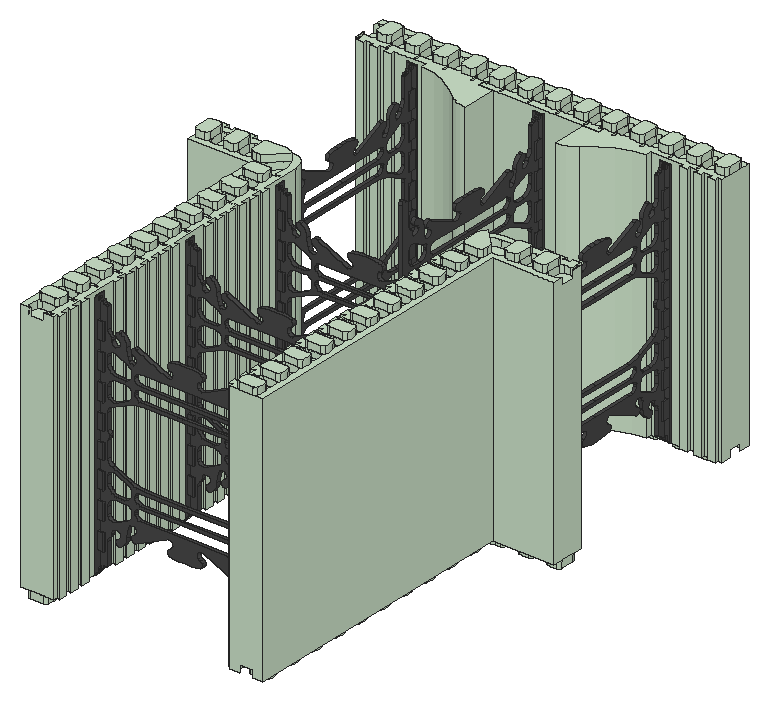
Revit family (continued)
Forms (in)
  Extrusion 46, void
    sketch origin (6, 4, 0) x (-1, 0, 0) y (0, -1, 0)
      loop
        arc (-5.13595, 25.8269) -> (-5.1875, 25.49998) -> (-5.13595, 25.17306) r 1.0625
    from 0 to 0.5
  Extrusion 47, void
    sketch origin (6, 6, 0) x (-1, 0, 0) y (0, -1, 0)
      loop
        arc (-5.13595, 25.17306) -> (-5.04517, 25.04783) -> (-4.89808, 24.99998) r 0.25
        line (-4.89808, 24.99998) -> (-3.97692, 24.99998)
        arc (-3.97692, 24.99998) -> (-3.82983, 25.04783) -> (-3.73905, 25.17306) r 0.25
        arc (-3.73905, 25.17306) -> (-3.69045, 25.4209) -> (-3.70172, 25.67321) r 1.0625
        arc (-3.70172, 25.67321) -> (-3.68771, 25.72383) -> (-3.64005, 25.7459) r 0.0625
        line (-3.64005, 25.7459) -> (-3.41845, 25.7459) -> (-3.41845, 25.91673) -> (-3.76455, 25.91673)
        arc (-3.76455, 25.91673) -> (-3.78736, 25.92104) -> (-3.80702, 25.93338) r 0.0625
        arc (-3.80702, 25.93338) -> (-3.88568, 25.98274) -> (-3.97692, 25.99998) r 0.25
        line (-3.97692, 25.99998) -> (-4.89808, 25.99998)
        arc (-4.89808, 25.99998) -> (-5.04517, 25.95213) -> (-5.13595, 25.8269) r 0.25
        arc (-5.13595, 25.8269) -> (-5.1875, 25.49998) -> (-5.13595, 25.17306) r 1.0625
    from 0 to 0.5
  Extrusion 48, void
    sketch origin (6, 8, 0) x (-1, 0, 0) y (0, -1, 0)
      loop
        arc (-5.13595, 25.17306) -> (-5.04517, 25.04783) -> (-4.89808, 24.99998) r 0.25
        line (-4.89808, 24.99998) -> (-3.97692, 24.99998)
        arc (-3.97692, 24.99998) -> (-3.82983, 25.04783) -> (-3.73905, 25.17306) r 0.25
        arc (-3.73905, 25.17306) -> (-3.69045, 25.4209) -> (-3.70172, 25.67321) r 1.0625
        arc (-3.70172, 25.67321) -> (-3.68771, 25.72383) -> (-3.64005, 25.7459) r 0.0625
        line (-3.64005, 25.7459) -> (-3.41845, 25.7459) -> (-3.41845, 25.91673) -> (-3.76455, 25.91673)
        arc (-3.76455, 25.91673) -> (-3.78736, 25.92104) -> (-3.80702, 25.93338) r 0.0625
        arc (-3.80702, 25.93338) -> (-3.88568, 25.98274) -> (-3.97692, 25.99998) r 0.25
        line (-3.97692, 25.99998) -> (-4.89808, 25.99998)
        arc (-4.89808, 25.99998) -> (-5.04517, 25.95213) -> (-5.13595, 25.8269) r 0.25
        arc (-5.13595, 25.8269) -> (-5.1875, 25.49998) -> (-5.13595, 25.17306) r 1.0625
    from 0 to 0.5
  Extrusion 49, void
    sketch origin (6, 10, 0) x (-1, 0, 0) y (0, -1, 0)
      loop
        arc (-5.13595, 25.17306) -> (-5.04517, 25.04783) -> (-4.89808, 24.99998) r 0.25
        line (-4.89808, 24.99998) -> (-3.97692, 24.99998)
        arc (-3.97692, 24.99998) -> (-3.82983, 25.04783) -> (-3.73905, 25.17306) r 0.25
        arc (-3.73905, 25.17306) -> (-3.69045, 25.4209) -> (-3.70172, 25.67321) r 1.0625
        arc (-3.70172, 25.67321) -> (-3.68771, 25.72383) -> (-3.64005, 25.7459) r 0.0625
        line (-3.64005, 25.7459) -> (-3.41845, 25.7459) -> (-3.41845, 25.91673) -> (-3.76455, 25.91673)
        arc (-3.76455, 25.91673) -> (-3.78736, 25.92104) -> (-3.80702, 25.93338) r 0.0625
        arc (-3.80702, 25.93338) -> (-3.88568, 25.98274) -> (-3.97692, 25.99998) r 0.25
        line (-3.97692, 25.99998) -> (-4.89808, 25.99998)
        arc (-4.89808, 25.99998) -> (-5.04517, 25.95213) -> (-5.13595, 25.8269) r 0.25
        arc (-5.13595, 25.8269) -> (-5.1875, 25.49998) -> (-5.13595, 25.17306) r 1.0625
    from 0 to 0.5
  Extrusion 50, void
    sketch origin (6, 12, 0) x (-1, 0, 0) y (0, -1, 0)
      loop
        arc (-5.13595, 25.17306) -> (-5.04517, 25.04783) -> (-4.89808, 24.99998) r 0.25
        line (-4.89808, 24.99998) -> (-3.97692, 24.99998)
        arc (-3.97692, 24.99998) -> (-3.82983, 25.04783) -> (-3.73905, 25.17306) r 0.25
        arc (-3.73905, 25.17306) -> (-3.69045, 25.4209) -> (-3.70172, 25.67321) r 1.0625
        arc (-3.70172, 25.67321) -> (-3.68771, 25.72383) -> (-3.64005, 25.7459) r 0.0625
        line (-3.64005, 25.7459) -> (-3.41845, 25.7459) -> (-3.41845, 25.91673) -> (-3.76455, 25.91673)
        arc (-3.76455, 25.91673) -> (-3.78736, 25.92104) -> (-3.80702, 25.93338) r 0.0625
        arc (-3.80702, 25.93338) -> (-3.88568, 25.98274) -> (-3.97692, 25.99998) r 0.25
        line (-3.97692, 25.99998) -> (-4.89808, 25.99998)
        arc (-4.89808, 25.99998) -> (-5.04517, 25.95213) -> (-5.13595, 25.8269) r 0.25
        arc (-5.13595, 25.8269) -> (-5.1875, 25.49998) -> (-5.13595, 25.17306) r 1.0625
    from 0 to 0.5
  Extrusion 51, void
    sketch origin (6.00002, -5.99998, 0) x (0, -1, 0) y (1, 0, 0)
      loop
        arc (5.67323, 3.7017) -> (5.72385, 3.68769) -> (5.74592, 3.64003) r 0.0625
        line (5.74592, 3.64003) -> (5.74592, 3.41844) -> (5.91675, 3.41844) -> (5.91675, 3.76453)
        arc (5.91675, 3.76453) -> (5.92106, 3.78734) -> (5.9334, 3.807) r 0.0625
        arc (5.9334, 3.807) -> (5.98276, 3.88566) -> (6, 3.9769) r 0.25
        line (6, 3.9769) -> (6, 4.89806)
        arc (6, 4.89806) -> (5.95215, 5.04515) -> (5.82692, 5.13593) r 0.25
        arc (5.82692, 5.13593) -> (5.66548, 5.17452) -> (5.5, 5.18748) r 1.0625
        line (5.5, 5.18748) -> (5.1875, 5.18748) -> (3.98039, 3.98037)
        arc (3.98039, 3.98037) -> (4.30482, 3.7636) -> (4.6875, 3.68748) r 1
        line (4.6875, 3.68748) -> (5.5, 3.68748)
        arc (5.5, 3.68748) -> (5.58691, 3.69104) -> (5.67323, 3.7017) r 1.0625
    from 0 to 0.5
  Extrusion 52, void
    sketch origin (37.99998, -5.99998, 0) x (0, 1, 0) y (-1, 0, 0)
      loop
        arc (-5.13595, 25.17306) -> (-5.04517, 25.04783) -> (-4.89808, 24.99998) r 0.25
        line (-4.89808, 24.99998) -> (-3.97692, 24.99998)
        arc (-3.97692, 24.99998) -> (-3.82983, 25.04783) -> (-3.73905, 25.17306) r 0.25
        arc (-3.73905, 25.17306) -> (-3.69045, 25.4209) -> (-3.70172, 25.67321) r 1.0625
        arc (-3.70172, 25.67321) -> (-3.68771, 25.72383) -> (-3.64005, 25.7459) r 0.0625
        line (-3.64005, 25.7459) -> (-3.41845, 25.7459) -> (-3.41845, 25.91673) -> (-3.76455, 25.91673)
        arc (-3.76455, 25.91673) -> (-3.78736, 25.92104) -> (-3.80702, 25.93338) r 0.0625
        arc (-3.80702, 25.93338) -> (-3.88568, 25.98274) -> (-3.97692, 25.99998) r 0.25
        line (-3.97692, 25.99998) -> (-4.89808, 25.99998)
        arc (-4.89808, 25.99998) -> (-5.04517, 25.95213) -> (-5.13595, 25.8269) r 0.25
        arc (-5.13595, 25.8269) -> (-5.1875, 25.49998) -> (-5.13595, 25.17306) r 1.0625
    from 0 to 0.5
  Extrusion 53, void
    sketch origin (39.99998, -5.99998, 0) x (0, 1, 0) y (-1, 0, 0)
      loop
        arc (-5.13595, 25.17306) -> (-5.04517, 25.04783) -> (-4.89808, 24.99998) r 0.25
        line (-4.89808, 24.99998) -> (-3.97692, 24.99998)
        arc (-3.97692, 24.99998) -> (-3.82983, 25.04783) -> (-3.73905, 25.17306) r 0.25
        arc (-3.73905, 25.17306) -> (-3.69045, 25.4209) -> (-3.70172, 25.67321) r 1.0625
        arc (-3.70172, 25.67321) -> (-3.68771, 25.72383) -> (-3.64005, 25.7459) r 0.0625
        line (-3.64005, 25.7459) -> (-3.41845, 25.7459) -> (-3.41845, 25.91673) -> (-3.76455, 25.91673)
        arc (-3.76455, 25.91673) -> (-3.78736, 25.92104) -> (-3.80702, 25.93338) r 0.0625
        arc (-3.80702, 25.93338) -> (-3.88568, 25.98274) -> (-3.97692, 25.99998) r 0.25
        line (-3.97692, 25.99998) -> (-4.89808, 25.99998)
        arc (-4.89808, 25.99998) -> (-5.04517, 25.95213) -> (-5.13595, 25.8269) r 0.25
        arc (-5.13595, 25.8269) -> (-5.1875, 25.49998) -> (-5.13595, 25.17306) r 1.0625
    from 0 to 0.5
  Extrusion 54, void
    sketch origin (15.99998, -0.00002, 0) x (0, -1, 0) y (1, 0, 0)
      loop
        arc (-5.13595, -25.17306) -> (-5.1875, -25.49998) -> (-5.13595, -25.8269) r 1.0625
        arc (-5.13595, -25.8269) -> (-5.04517, -25.95213) -> (-4.89808, -25.99998) r 0.25
        line (-4.89808, -25.99998) -> (-3.97692, -25.99998)
        arc (-3.97692, -25.99998) -> (-3.88568, -25.98274) -> (-3.80702, -25.93338) r 0.25
        arc (-3.80702, -25.93338) -> (-3.78736, -25.92104) -> (-3.76455, -25.91673) r 0.0625
        line (-3.76455, -25.91673) -> (-3.41845, -25.91673) -> (-3.41845, -25.7459) -> (-3.64005, -25.7459)
        arc (-3.64005, -25.7459) -> (-3.68771, -25.72383) -> (-3.70172, -25.67321) r 0.0625
        arc (-3.70172, -25.67321) -> (-3.69045, -25.4209) -> (-3.73905, -25.17306) r 1.0625
        arc (-3.73905, -25.17306) -> (-3.82983, -25.04783) -> (-3.97692, -24.99998) r 0.25
        line (-3.97692, -24.99998) -> (-4.89808, -24.99998)
        arc (-4.89808, -24.99998) -> (-5.04517, -25.04783) -> (-5.13595, -25.17306) r 0.25
    from 18 to 17.5
  Extrusion 55, void
    sketch origin (17.99998, -0.00002, 0) x (0, -1, 0) y (1, 0, 0)
      loop
        arc (-5.13595, -25.17306) -> (-5.1875, -25.49998) -> (-5.13595, -25.8269) r 1.0625
        arc (-5.13595, -25.8269) -> (-5.04517, -25.95213) -> (-4.89808, -25.99998) r 0.25
        line (-4.89808, -25.99998) -> (-3.97692, -25.99998)
        arc (-3.97692, -25.99998) -> (-3.88568, -25.98274) -> (-3.80702, -25.93338) r 0.25
        arc (-3.80702, -25.93338) -> (-3.78736, -25.92104) -> (-3.76455, -25.91673) r 0.0625
        line (-3.76455, -25.91673) -> (-3.41845, -25.91673) -> (-3.41845, -25.7459) -> (-3.64005, -25.7459)
        arc (-3.64005, -25.7459) -> (-3.68771, -25.72383) -> (-3.70172, -25.67321) r 0.0625
        arc (-3.70172, -25.67321) -> (-3.69045, -25.4209) -> (-3.73905, -25.17306) r 1.0625
        arc (-3.73905, -25.17306) -> (-3.82983, -25.04783) -> (-3.97692, -24.99998) r 0.25
        line (-3.97692, -24.99998) -> (-4.89808, -24.99998)
        arc (-4.89808, -24.99998) -> (-5.04517, -25.04783) -> (-5.13595, -25.17306) r 0.25
    from 18 to 17.5
  Extrusion 56, void
    sketch origin (19.99998, -0.00002, 0) x (0, -1, 0) y (1, 0, 0)
      loop
        arc (-5.13595, -25.17306) -> (-5.1875, -25.49998) -> (-5.13595, -25.8269) r 1.0625
        arc (-5.13595, -25.8269) -> (-5.04517, -25.95213) -> (-4.89808, -25.99998) r 0.25
        line (-4.89808, -25.99998) -> (-3.97692, -25.99998)
        arc (-3.97692, -25.99998) -> (-3.88568, -25.98274) -> (-3.80702, -25.93338) r 0.25
        arc (-3.80702, -25.93338) -> (-3.78736, -25.92104) -> (-3.76455, -25.91673) r 0.0625
        line (-3.76455, -25.91673) -> (-3.41845, -25.91673) -> (-3.41845, -25.7459) -> (-3.64005, -25.7459)
        arc (-3.64005, -25.7459) -> (-3.68771, -25.72383) -> (-3.70172, -25.67321) r 0.0625
        arc (-3.70172, -25.67321) -> (-3.69045, -25.4209) -> (-3.73905, -25.17306) r 1.0625
        arc (-3.73905, -25.17306) -> (-3.82983, -25.04783) -> (-3.97692, -24.99998) r 0.25
        line (-3.97692, -24.99998) -> (-4.89808, -24.99998)
        arc (-4.89808, -24.99998) -> (-5.04517, -25.04783) -> (-5.13595, -25.17306) r 0.25
    from 18 to 17.5
  Extrusion 57, void
    sketch origin (21.99998, -0.00002, 0) x (0, -1, 0) y (1, 0, 0)
      loop
        arc (-5.13595, -25.17306) -> (-5.1875, -25.49998) -> (-5.13595, -25.8269) r 1.0625
        arc (-5.13595, -25.8269) -> (-5.04517, -25.95213) -> (-4.89808, -25.99998) r 0.25
        line (-4.89808, -25.99998) -> (-3.97692, -25.99998)
        arc (-3.97692, -25.99998) -> (-3.88568, -25.98274) -> (-3.80702, -25.93338) r 0.25
        arc (-3.80702, -25.93338) -> (-3.78736, -25.92104) -> (-3.76455, -25.91673) r 0.0625
        line (-3.76455, -25.91673) -> (-3.41845, -25.91673) -> (-3.41845, -25.7459) -> (-3.64005, -25.7459)
        arc (-3.64005, -25.7459) -> (-3.68771, -25.72383) -> (-3.70172, -25.67321) r 0.0625
        arc (-3.70172, -25.67321) -> (-3.69045, -25.4209) -> (-3.73905, -25.17306) r 1.0625
        arc (-3.73905, -25.17306) -> (-3.82983, -25.04783) -> (-3.97692, -24.99998) r 0.25
        line (-3.97692, -24.99998) -> (-4.89808, -24.99998)
        arc (-4.89808, -24.99998) -> (-5.04517, -25.04783) -> (-5.13595, -25.17306) r 0.25
    from 18 to 17.5
  Extrusion 58, void
    sketch origin (23.99998, -0.00002, 0) x (0, -1, 0) y (1, 0, 0)
      loop
        arc (-5.13595, -25.17306) -> (-5.1875, -25.49998) -> (-5.13595, -25.8269) r 1.0625
        arc (-5.13595, -25.8269) -> (-5.04517, -25.95213) -> (-4.89808, -25.99998) r 0.25
        line (-4.89808, -25.99998) -> (-3.97692, -25.99998)
        arc (-3.97692, -25.99998) -> (-3.88568, -25.98274) -> (-3.80702, -25.93338) r 0.25
        arc (-3.80702, -25.93338) -> (-3.78736, -25.92104) -> (-3.76455, -25.91673) r 0.0625
        line (-3.76455, -25.91673) -> (-3.41845, -25.91673) -> (-3.41845, -25.7459) -> (-3.64005, -25.7459)
        arc (-3.64005, -25.7459) -> (-3.68771, -25.72383) -> (-3.70172, -25.67321) r 0.0625
        arc (-3.70172, -25.67321) -> (-3.69045, -25.4209) -> (-3.73905, -25.17306) r 1.0625
        arc (-3.73905, -25.17306) -> (-3.82983, -25.04783) -> (-3.97692, -24.99998) r 0.25
        line (-3.97692, -24.99998) -> (-4.89808, -24.99998)
        arc (-4.89808, -24.99998) -> (-5.04517, -25.04783) -> (-5.13595, -25.17306) r 0.25
    from 18 to 17.5
  Extrusion 59, void
    sketch origin (29.99998, -0.00002, 0) x (0, -1, 0) y (1, 0, 0)
      loop
        arc (-5.13595, -25.17306) -> (-5.1875, -25.49998) -> (-5.13595, -25.8269) r 1.0625
        arc (-5.13595, -25.8269) -> (-5.04517, -25.95213) -> (-4.89808, -25.99998) r 0.25
        line (-4.89808, -25.99998) -> (-3.97692, -25.99998)
        arc (-3.97692, -25.99998) -> (-3.88568, -25.98274) -> (-3.80702, -25.93338) r 0.25
        arc (-3.80702, -25.93338) -> (-3.78736, -25.92104) -> (-3.76455, -25.91673) r 0.0625
        line (-3.76455, -25.91673) -> (-3.41845, -25.91673) -> (-3.41845, -25.7459) -> (-3.64005, -25.7459)
        arc (-3.64005, -25.7459) -> (-3.68771, -25.72383) -> (-3.70172, -25.67321) r 0.0625
        arc (-3.70172, -25.67321) -> (-3.69045, -25.4209) -> (-3.73905, -25.17306) r 1.0625
        arc (-3.73905, -25.17306) -> (-3.82983, -25.04783) -> (-3.97692, -24.99998) r 0.25
        line (-3.97692, -24.99998) -> (-4.89808, -24.99998)
        arc (-4.89808, -24.99998) -> (-5.04517, -25.04783) -> (-5.13595, -25.17306) r 0.25
    from 18 to 17.5
  Extrusion 60, void
    sketch origin (31.99998, -0.00002, 0) x (0, -1, 0) y (1, 0, 0)
      loop
        arc (-5.13595, -25.17306) -> (-5.1875, -25.49998) -> (-5.13595, -25.8269) r 1.0625
        arc (-5.13595, -25.8269) -> (-5.04517, -25.95213) -> (-4.89808, -25.99998) r 0.25
        line (-4.89808, -25.99998) -> (-3.97692, -25.99998)
        arc (-3.97692, -25.99998) -> (-3.88568, -25.98274) -> (-3.80702, -25.93338) r 0.25
        arc (-3.80702, -25.93338) -> (-3.78736, -25.92104) -> (-3.76455, -25.91673) r 0.0625
        line (-3.76455, -25.91673) -> (-3.41845, -25.91673) -> (-3.41845, -25.7459) -> (-3.64005, -25.7459)
        arc (-3.64005, -25.7459) -> (-3.68771, -25.72383) -> (-3.70172, -25.67321) r 0.0625
        arc (-3.70172, -25.67321) -> (-3.69045, -25.4209) -> (-3.73905, -25.17306) r 1.0625
        arc (-3.73905, -25.17306) -> (-3.82983, -25.04783) -> (-3.97692, -24.99998) r 0.25
        line (-3.97692, -24.99998) -> (-4.89808, -24.99998)
        arc (-4.89808, -24.99998) -> (-5.04517, -25.04783) -> (-5.13595, -25.17306) r 0.25
    from 18 to 17.5
  Extrusion 61, void
    sketch origin (33.99998, -0.00002, 0) x (0, -1, 0) y (1, 0, 0)
      loop
        arc (-5.13595, -25.17306) -> (-5.1875, -25.49998) -> (-5.13595, -25.8269) r 1.0625
        arc (-5.13595, -25.8269) -> (-5.04517, -25.95213) -> (-4.89808, -25.99998) r 0.25
        line (-4.89808, -25.99998) -> (-3.97692, -25.99998)
        arc (-3.97692, -25.99998) -> (-3.88568, -25.98274) -> (-3.80702, -25.93338) r 0.25
        arc (-3.80702, -25.93338) -> (-3.78736, -25.92104) -> (-3.76455, -25.91673) r 0.0625
        line (-3.76455, -25.91673) -> (-3.41845, -25.91673) -> (-3.41845, -25.7459) -> (-3.64005, -25.7459)
        arc (-3.64005, -25.7459) -> (-3.68771, -25.72383) -> (-3.70172, -25.67321) r 0.0625
        arc (-3.70172, -25.67321) -> (-3.69045, -25.4209) -> (-3.73905, -25.17306) r 1.0625
        arc (-3.73905, -25.17306) -> (-3.82983, -25.04783) -> (-3.97692, -24.99998) r 0.25
        line (-3.97692, -24.99998) -> (-4.89808, -24.99998)
        arc (-4.89808, -24.99998) -> (-5.04517, -25.04783) -> (-5.13595, -25.17306) r 0.25
    from 18 to 17.5
  Extrusion 62, void
    sketch origin (35.99998, -0.00002, 0) x (0, -1, 0) y (1, 0, 0)
      loop
        arc (-5.13595, -25.17306) -> (-5.1875, -25.49998) -> (-5.13595, -25.8269) r 1.0625
        arc (-5.13595, -25.8269) -> (-5.04517, -25.95213) -> (-4.89808, -25.99998) r 0.25
        line (-4.89808, -25.99998) -> (-3.97692, -25.99998)
        arc (-3.97692, -25.99998) -> (-3.88568, -25.98274) -> (-3.80702, -25.93338) r 0.25
        arc (-3.80702, -25.93338) -> (-3.78736, -25.92104) -> (-3.76455, -25.91673) r 0.0625
        line (-3.76455, -25.91673) -> (-3.41845, -25.91673) -> (-3.41845, -25.7459) -> (-3.64005, -25.7459)
        arc (-3.64005, -25.7459) -> (-3.68771, -25.72383) -> (-3.70172, -25.67321) r 0.0625
        arc (-3.70172, -25.67321) -> (-3.69045, -25.4209) -> (-3.73905, -25.17306) r 1.0625
        arc (-3.73905, -25.17306) -> (-3.82983, -25.04783) -> (-3.97692, -24.99998) r 0.25
        line (-3.97692, -24.99998) -> (-4.89808, -24.99998)
        arc (-4.89808, -24.99998) -> (-5.04517, -25.04783) -> (-5.13595, -25.17306) r 0.25
    from 18 to 17.5
  Extrusion 63, void
    sketch origin (-33.99998, -0.00002, 0) x (0, -1, 0) y (1, 0, 0)
      loop
        arc (-5.13595, 25.17306) -> (-5.04517, 25.04783) -> (-4.89808, 24.99998) r 0.25
        line (-4.89808, 24.99998) -> (-3.97692, 24.99998)
        arc (-3.97692, 24.99998) -> (-3.82983, 25.04783) -> (-3.73905, 25.17306) r 0.25
        arc (-3.73905, 25.17306) -> (-3.69045, 25.4209) -> (-3.70172, 25.67321) r 1.0625
        arc (-3.70172, 25.67321) -> (-3.68771, 25.72383) -> (-3.64005, 25.7459) r 0.0625
        line (-3.64005, 25.7459) -> (-3.41845, 25.7459) -> (-3.41845, 25.91673) -> (-3.76455, 25.91673)
        arc (-3.76455, 25.91673) -> (-3.78736, 25.92104) -> (-3.80702, 25.93338) r 0.0625
        arc (-3.80702, 25.93338) -> (-3.88568, 25.98274) -> (-3.97692, 25.99998) r 0.25
        line (-3.97692, 25.99998) -> (-4.89808, 25.99998)
        arc (-4.89808, 25.99998) -> (-5.04517, 25.95213) -> (-5.13595, 25.8269) r 0.25
        arc (-5.13595, 25.8269) -> (-5.1875, 25.49998) -> (-5.13595, 25.17306) r 1.0625
    from 0 to 0.5
  Extrusion 64, void
    sketch origin (-31.99998, -0.00002, 0) x (0, -1, 0) y (1, 0, 0)
      loop
        arc (-5.13595, 25.17306) -> (-5.04517, 25.04783) -> (-4.89808, 24.99998) r 0.25
        line (-4.89808, 24.99998) -> (-3.97692, 24.99998)
        arc (-3.97692, 24.99998) -> (-3.82983, 25.04783) -> (-3.73905, 25.17306) r 0.25
        arc (-3.73905, 25.17306) -> (-3.69045, 25.4209) -> (-3.70172, 25.67321) r 1.0625
        arc (-3.70172, 25.67321) -> (-3.68771, 25.72383) -> (-3.64005, 25.7459) r 0.0625
        line (-3.64005, 25.7459) -> (-3.41845, 25.7459) -> (-3.41845, 25.91673) -> (-3.76455, 25.91673)
        arc (-3.76455, 25.91673) -> (-3.78736, 25.92104) -> (-3.80702, 25.93338) r 0.0625
        arc (-3.80702, 25.93338) -> (-3.88568, 25.98274) -> (-3.97692, 25.99998) r 0.25
        line (-3.97692, 25.99998) -> (-4.89808, 25.99998)
        arc (-4.89808, 25.99998) -> (-5.04517, 25.95213) -> (-5.13595, 25.8269) r 0.25
        arc (-5.13595, 25.8269) -> (-5.1875, 25.49998) -> (-5.13595, 25.17306) r 1.0625
    from 0 to 0.5
  Extrusion 65, void
    sketch origin (-29.99998, -0.00002, 0) x (0, -1, 0) y (1, 0, 0)
      loop
        arc (-5.13595, 25.17306) -> (-5.04517, 25.04783) -> (-4.89808, 24.99998) r 0.25
        line (-4.89808, 24.99998) -> (-3.97692, 24.99998)
        arc (-3.97692, 24.99998) -> (-3.82983, 25.04783) -> (-3.73905, 25.17306) r 0.25
        arc (-3.73905, 25.17306) -> (-3.69045, 25.4209) -> (-3.70172, 25.67321) r 1.0625
        arc (-3.70172, 25.67321) -> (-3.68771, 25.72383) -> (-3.64005, 25.7459) r 0.0625
        line (-3.64005, 25.7459) -> (-3.41845, 25.7459) -> (-3.41845, 25.91673) -> (-3.76455, 25.91673)
        arc (-3.76455, 25.91673) -> (-3.78736, 25.92104) -> (-3.80702, 25.93338) r 0.0625
        arc (-3.80702, 25.93338) -> (-3.88568, 25.98274) -> (-3.97692, 25.99998) r 0.25
        line (-3.97692, 25.99998) -> (-4.89808, 25.99998)
        arc (-4.89808, 25.99998) -> (-5.04517, 25.95213) -> (-5.13595, 25.8269) r 0.25
        arc (-5.13595, 25.8269) -> (-5.1875, 25.49998) -> (-5.13595, 25.17306) r 1.0625
    from 0 to 0.5
  Extrusion 66, void
    sketch origin (-27.99998, -0.00002, 0) x (0, -1, 0) y (1, 0, 0)
      loop
        arc (-5.13595, 25.17306) -> (-5.04517, 25.04783) -> (-4.89808, 24.99998) r 0.25
        line (-4.89808, 24.99998) -> (-3.97692, 24.99998)
        arc (-3.97692, 24.99998) -> (-3.82983, 25.04783) -> (-3.73905, 25.17306) r 0.25
        arc (-3.73905, 25.17306) -> (-3.69045, 25.4209) -> (-3.70172, 25.67321) r 1.0625
        arc (-3.70172, 25.67321) -> (-3.68771, 25.72383) -> (-3.64005, 25.7459) r 0.0625
        line (-3.64005, 25.7459) -> (-3.41845, 25.7459) -> (-3.41845, 25.91673) -> (-3.76455, 25.91673)
        arc (-3.76455, 25.91673) -> (-3.78736, 25.92104) -> (-3.80702, 25.93338) r 0.0625
        arc (-3.80702, 25.93338) -> (-3.88568, 25.98274) -> (-3.97692, 25.99998) r 0.25
        line (-3.97692, 25.99998) -> (-4.89808, 25.99998)
        arc (-4.89808, 25.99998) -> (-5.04517, 25.95213) -> (-5.13595, 25.8269) r 0.25
        arc (-5.13595, 25.8269) -> (-5.1875, 25.49998) -> (-5.13595, 25.17306) r 1.0625
    from 0 to 0.5
  Extrusion 67, void
    sketch origin (-19.99998, -0.00002, 0) x (0, -1, 0) y (1, 0, 0)
      loop
        arc (-5.13595, 25.17306) -> (-5.04517, 25.04783) -> (-4.89808, 24.99998) r 0.25
        line (-4.89808, 24.99998) -> (-3.97692, 24.99998)
        arc (-3.97692, 24.99998) -> (-3.82983, 25.04783) -> (-3.73905, 25.17306) r 0.25
        arc (-3.73905, 25.17306) -> (-3.69045, 25.4209) -> (-3.70172, 25.67321) r 1.0625
        arc (-3.70172, 25.67321) -> (-3.68771, 25.72383) -> (-3.64005, 25.7459) r 0.0625
        line (-3.64005, 25.7459) -> (-3.41845, 25.7459) -> (-3.41845, 25.91673) -> (-3.76455, 25.91673)
        arc (-3.76455, 25.91673) -> (-3.78736, 25.92104) -> (-3.80702, 25.93338) r 0.0625
        arc (-3.80702, 25.93338) -> (-3.88568, 25.98274) -> (-3.97692, 25.99998) r 0.25
        line (-3.97692, 25.99998) -> (-4.89808, 25.99998)
        arc (-4.89808, 25.99998) -> (-5.04517, 25.95213) -> (-5.13595, 25.8269) r 0.25
        arc (-5.13595, 25.8269) -> (-5.1875, 25.49998) -> (-5.13595, 25.17306) r 1.0625
    from 0 to 0.5
  Extrusion 68, void
    sketch origin (-17.99998, -0.00002, 0) x (0, -1, 0) y (1, 0, 0)
      loop
        arc (-5.13595, 25.17306) -> (-5.04517, 25.04783) -> (-4.89808, 24.99998) r 0.25
        line (-4.89808, 24.99998) -> (-3.97692, 24.99998)
        arc (-3.97692, 24.99998) -> (-3.82983, 25.04783) -> (-3.73905, 25.17306) r 0.25
        arc (-3.73905, 25.17306) -> (-3.69045, 25.4209) -> (-3.70172, 25.67321) r 1.0625
        arc (-3.70172, 25.67321) -> (-3.68771, 25.72383) -> (-3.64005, 25.7459) r 0.0625
        line (-3.64005, 25.7459) -> (-3.41845, 25.7459) -> (-3.41845, 25.91673) -> (-3.76455, 25.91673)
        arc (-3.76455, 25.91673) -> (-3.78736, 25.92104) -> (-3.80702, 25.93338) r 0.0625
        arc (-3.80702, 25.93338) -> (-3.88568, 25.98274) -> (-3.97692, 25.99998) r 0.25
        line (-3.97692, 25.99998) -> (-4.89808, 25.99998)
        arc (-4.89808, 25.99998) -> (-5.04517, 25.95213) -> (-5.13595, 25.8269) r 0.25
        arc (-5.13595, 25.8269) -> (-5.1875, 25.49998) -> (-5.13595, 25.17306) r 1.0625
    from 0 to 0.5
  Extrusion 69, void
    sketch origin (-15.99998, -0.00002, 0) x (0, -1, 0) y (1, 0, 0)
      loop
        arc (-5.13595, 25.17306) -> (-5.04517, 25.04783) -> (-4.89808, 24.99998) r 0.25
        line (-4.89808, 24.99998) -> (-3.97692, 24.99998)
        arc (-3.97692, 24.99998) -> (-3.82983, 25.04783) -> (-3.73905, 25.17306) r 0.25
        arc (-3.73905, 25.17306) -> (-3.69045, 25.4209) -> (-3.70172, 25.67321) r 1.0625
        arc (-3.70172, 25.67321) -> (-3.68771, 25.72383) -> (-3.64005, 25.7459) r 0.0625
        line (-3.64005, 25.7459) -> (-3.41845, 25.7459) -> (-3.41845, 25.91673) -> (-3.76455, 25.91673)
        arc (-3.76455, 25.91673) -> (-3.78736, 25.92104) -> (-3.80702, 25.93338) r 0.0625
        arc (-3.80702, 25.93338) -> (-3.88568, 25.98274) -> (-3.97692, 25.99998) r 0.25
        line (-3.97692, 25.99998) -> (-4.89808, 25.99998)
        arc (-4.89808, 25.99998) -> (-5.04517, 25.95213) -> (-5.13595, 25.8269) r 0.25
        arc (-5.13595, 25.8269) -> (-5.1875, 25.49998) -> (-5.13595, 25.17306) r 1.0625
    from 0 to 0.5
  Extrusion 70, void
    sketch origin (-13.99998, -0.00002, 0) x (0, -1, 0) y (1, 0, 0)
      loop
        arc (-5.13595, 25.17306) -> (-5.04517, 25.04783) -> (-4.89808, 24.99998) r 0.25
        line (-4.89808, 24.99998) -> (-3.97692, 24.99998)
        arc (-3.97692, 24.99998) -> (-3.82983, 25.04783) -> (-3.73905, 25.17306) r 0.25
        arc (-3.73905, 25.17306) -> (-3.69045, 25.4209) -> (-3.70172, 25.67321) r 1.0625
        arc (-3.70172, 25.67321) -> (-3.68771, 25.72383) -> (-3.64005, 25.7459) r 0.0625
        line (-3.64005, 25.7459) -> (-3.41845, 25.7459) -> (-3.41845, 25.91673) -> (-3.76455, 25.91673)
        arc (-3.76455, 25.91673) -> (-3.78736, 25.92104) -> (-3.80702, 25.93338) r 0.0625
        arc (-3.80702, 25.93338) -> (-3.88568, 25.98274) -> (-3.97692, 25.99998) r 0.25
        line (-3.97692, 25.99998) -> (-4.89808, 25.99998)
        arc (-4.89808, 25.99998) -> (-5.04517, 25.95213) -> (-5.13595, 25.8269) r 0.25
        arc (-5.13595, 25.8269) -> (-5.1875, 25.49998) -> (-5.13595, 25.17306) r 1.0625
    from 0 to 0.5
  Extrusion 71, solid, material "NUDURA Expanded Polystyrene Foam Insulation"
    sketch origin (6, -6, 0) x (1, 0, 0) y (0, 1, 0)
      loop
        arc (3.98039, -3.98037) -> (3.76362, -4.3048) -> (3.6875, -4.68748) r 1
        line (3.6875, -4.68748) -> (3.6875, -5.49998)
        arc (3.6875, -5.49998) -> (3.70047, -5.66546) -> (3.73905, -5.8269) r 1.0625
        arc (3.73905, -5.8269) -> (3.82983, -5.95213) -> (3.97692, -5.99998) r 0.25
        line (3.97692, -5.99998) -> (4.89808, -5.99998)
        arc (4.89808, -5.99998) -> (5.04517, -5.95213) -> (5.13595, -5.8269) r 0.25
        arc (5.13595, -5.8269) -> (5.17453, -5.66546) -> (5.1875, -5.49998) r 1.0625
        line (5.1875, -5.49998) -> (5.1875, -5.18748) -> (3.98039, -3.98037)
    from 18 to 18.5
  Extrusion 72, solid, material "NUDURA Expanded Polystyrene Foam Insulation"
    sketch origin (0, -6, 0) x (1, 0, 0) y (0, 1, 0)
      loop
        line (-4.6875, -3.68748) -> (-5.5, -3.68748)
        arc (-5.5, -3.68748) -> (-5.66548, -3.70045) -> (-5.82692, -3.73903) r 1.0625
        arc (-5.82692, -3.73903) -> (-5.95215, -3.82981) -> (-6, -3.9769) r 0.25
        line (-6, -3.9769) -> (-6, -4.89806)
        arc (-6, -4.89806) -> (-5.95215, -5.04515) -> (-5.82692, -5.13593) r 0.25
        arc (-5.82692, -5.13593) -> (-5.66548, -5.17452) -> (-5.5, -5.18748) r 1.0625
        line (-5.5, -5.18748) -> (-5.1875, -5.18748) -> (-3.98039, -3.98037)
        arc (-3.98039, -3.98037) -> (-4.30482, -3.7636) -> (-4.6875, -3.68748) r 1
    from 18 to 18.5
  Extrusion 73, solid, material "NUDURA Expanded Polystyrene Foam Insulation"
    sketch origin (0, -6, 0) x (1, 0, 0) y (0, 1, 0)
      loop
        line (-5.1875, -5.18748) -> (-5.1875, -5.49998)
        arc (-5.1875, -5.49998) -> (-5.17453, -5.66546) -> (-5.13595, -5.8269) r 1.0625
        arc (-5.13595, -5.8269) -> (-5.04517, -5.95213) -> (-4.89808, -5.99998) r 0.25
        line (-4.89808, -5.99998) -> (-3.97692, -5.99998)
        arc (-3.97692, -5.99998) -> (-3.82983, -5.95213) -> (-3.73905, -5.8269) r 0.25
        arc (-3.73905, -5.8269) -> (-3.70047, -5.66546) -> (-3.6875, -5.49998) r 1.0625
        line (-3.6875, -5.49998) -> (-3.6875, -4.68748)
        arc (-3.6875, -4.68748) -> (-3.76362, -4.3048) -> (-3.98039, -3.98037) r 1
        line (-3.98039, -3.98037) -> (-5.1875, -5.18748)
    from 0 to -0.5
  Extrusion 74, solid, material "NUDURA Expanded Polystyrene Foam Insulation"
    sketch origin (6, -6, 0) x (1, 0, 0) y (0, 1, 0)
      loop
        arc (6, -3.9769) -> (5.95215, -3.82981) -> (5.82692, -3.73903) r 0.25
        arc (5.82692, -3.73903) -> (5.66548, -3.70045) -> (5.5, -3.68748) r 1.0625
        line (5.5, -3.68748) -> (4.6875, -3.68748)
        arc (4.6875, -3.68748) -> (4.30482, -3.7636) -> (3.98039, -3.98037) r 1
        line (3.98039, -3.98037) -> (5.1875, -5.18748) -> (5.5, -5.18748)
        arc (5.5, -5.18748) -> (5.66548, -5.17452) -> (5.82692, -5.13593) r 1.0625
        arc (5.82692, -5.13593) -> (5.95215, -5.04515) -> (6, -4.89806) r 0.25
        line (6, -4.89806) -> (6, -3.9769)
    from 0 to -0.5
  Extrusion 75, void
    sketch origin (-21.99998, -0.00002, 0) x (0, -1, 0) y (1, 0, 0)
      loop
        arc (-5.13595, 25.17306) -> (-5.04517, 25.04783) -> (-4.89808, 24.99998) r 0.25
        line (-4.89808, 24.99998) -> (-3.97692, 24.99998)
        arc (-3.97692, 24.99998) -> (-3.82983, 25.04783) -> (-3.73905, 25.17306) r 0.25
        arc (-3.73905, 25.17306) -> (-3.69045, 25.4209) -> (-3.70172, 25.67321) r 1.0625
        arc (-3.70172, 25.67321) -> (-3.68771, 25.72383) -> (-3.64005, 25.7459) r 0.0625
        line (-3.64005, 25.7459) -> (-3.41845, 25.7459) -> (-3.41845, 25.91673) -> (-3.76455, 25.91673)
        arc (-3.76455, 25.91673) -> (-3.78736, 25.92104) -> (-3.80702, 25.93338) r 0.0625
        arc (-3.80702, 25.93338) -> (-3.88568, 25.98274) -> (-3.97692, 25.99998) r 0.25
        line (-3.97692, 25.99998) -> (-4.89808, 25.99998)
        arc (-4.89808, 25.99998) -> (-5.04517, 25.95213) -> (-5.13595, 25.8269) r 0.25
        arc (-5.13595, 25.8269) -> (-5.1875, 25.49998) -> (-5.13595, 25.17306) r 1.0625
    from 0 to 0.5
  Extrusion 76, solid, material "NUDURA Expanded Polystyrene Foam Insulation"
    sketch origin (0, 0, 0) x (1, 0, 0) y (0, 1, 0)
      loop
        line (-1.25, 5.625) -> (-1.25, 5.17633) -> (-1, 5.24332) -> (-1, 4.63633) -> (-1.25, 4.69867) -> (-1.25, 4.17633) -> (-1, 4.24332) -> (-1, 3.63633) -> (-1.25, 3.69867) -> (-1.25, 3.25) -> (7.25, 3.25) -> (7.25, 3.69867) -> (7, 3.63633) -> (7, 4.24332) -> (7.25, 4.17633) -> (7.25, 4.69867) -> (7, 4.63633) -> (7, 5.24332) -> (7.25, 5.17633) -> (7.25, 5.625) -> (-1.25, 5.625)
    from 0 to 18
  Extrusion 77, void
    sketch origin (25.99998, -0.00002, 0) x (0, -1, 0) y (1, 0, 0)
      loop
        arc (-5.13595, -25.17306) -> (-5.1875, -25.49998) -> (-5.13595, -25.8269) r 1.0625
        arc (-5.13595, -25.8269) -> (-5.04517, -25.95213) -> (-4.89808, -25.99998) r 0.25
        line (-4.89808, -25.99998) -> (-3.97692, -25.99998)
        arc (-3.97692, -25.99998) -> (-3.88568, -25.98274) -> (-3.80702, -25.93338) r 0.25
        arc (-3.80702, -25.93338) -> (-3.78736, -25.92104) -> (-3.76455, -25.91673) r 0.0625
        line (-3.76455, -25.91673) -> (-3.41845, -25.91673) -> (-3.41845, -25.7459) -> (-3.64005, -25.7459)
        arc (-3.64005, -25.7459) -> (-3.68771, -25.72383) -> (-3.70172, -25.67321) r 0.0625
        arc (-3.70172, -25.67321) -> (-3.69045, -25.4209) -> (-3.73905, -25.17306) r 1.0625
        arc (-3.73905, -25.17306) -> (-3.82983, -25.04783) -> (-3.97692, -24.99998) r 0.25
        line (-3.97692, -24.99998) -> (-4.89808, -24.99998)
        arc (-4.89808, -24.99998) -> (-5.04517, -25.04783) -> (-5.13595, -25.17306) r 0.25
    from 18 to 17.5
  Extrusion 78, void
    sketch origin (27.99998, -0.00002, 0) x (0, -1, 0) y (1, 0, 0)
      loop
        arc (-5.13595, -25.17306) -> (-5.1875, -25.49998) -> (-5.13595, -25.8269) r 1.0625
        arc (-5.13595, -25.8269) -> (-5.04517, -25.95213) -> (-4.89808, -25.99998) r 0.25
        line (-4.89808, -25.99998) -> (-3.97692, -25.99998)
        arc (-3.97692, -25.99998) -> (-3.88568, -25.98274) -> (-3.80702, -25.93338) r 0.25
        arc (-3.80702, -25.93338) -> (-3.78736, -25.92104) -> (-3.76455, -25.91673) r 0.0625
        line (-3.76455, -25.91673) -> (-3.41845, -25.91673) -> (-3.41845, -25.7459) -> (-3.64005, -25.7459)
        arc (-3.64005, -25.7459) -> (-3.68771, -25.72383) -> (-3.70172, -25.67321) r 0.0625
        arc (-3.70172, -25.67321) -> (-3.69045, -25.4209) -> (-3.73905, -25.17306) r 1.0625
        arc (-3.73905, -25.17306) -> (-3.82983, -25.04783) -> (-3.97692, -24.99998) r 0.25
        line (-3.97692, -24.99998) -> (-4.89808, -24.99998)
        arc (-4.89808, -24.99998) -> (-5.04517, -25.04783) -> (-5.13595, -25.17306) r 0.25
    from 18 to 17.5
  Extrusion 79, void
    sketch origin (-23.99998, -0.00002, 0) x (0, -1, 0) y (1, 0, 0)
      loop
        arc (-5.13595, 25.17306) -> (-5.04517, 25.04783) -> (-4.89808, 24.99998) r 0.25
        line (-4.89808, 24.99998) -> (-3.97692, 24.99998)
        arc (-3.97692, 24.99998) -> (-3.82983, 25.04783) -> (-3.73905, 25.17306) r 0.25
        arc (-3.73905, 25.17306) -> (-3.69045, 25.4209) -> (-3.70172, 25.67321) r 1.0625
        arc (-3.70172, 25.67321) -> (-3.68771, 25.72383) -> (-3.64005, 25.7459) r 0.0625
        line (-3.64005, 25.7459) -> (-3.41845, 25.7459) -> (-3.41845, 25.91673) -> (-3.76455, 25.91673)
        arc (-3.76455, 25.91673) -> (-3.78736, 25.92104) -> (-3.80702, 25.93338) r 0.0625
        arc (-3.80702, 25.93338) -> (-3.88568, 25.98274) -> (-3.97692, 25.99998) r 0.25
        line (-3.97692, 25.99998) -> (-4.89808, 25.99998)
        arc (-4.89808, 25.99998) -> (-5.04517, 25.95213) -> (-5.13595, 25.8269) r 0.25
        arc (-5.13595, 25.8269) -> (-5.1875, 25.49998) -> (-5.13595, 25.17306) r 1.0625
    from 0 to 0.5
  Extrusion 80, void
    sketch origin (-25.99998, -0.00002, 0) x (0, -1, 0) y (1, 0, 0)
      loop
        arc (-5.13595, 25.17306) -> (-5.04517, 25.04783) -> (-4.89808, 24.99998) r 0.25
        line (-4.89808, 24.99998) -> (-3.97692, 24.99998)
        arc (-3.97692, 24.99998) -> (-3.82983, 25.04783) -> (-3.73905, 25.17306) r 0.25
        arc (-3.73905, 25.17306) -> (-3.69045, 25.4209) -> (-3.70172, 25.67321) r 1.0625
        arc (-3.70172, 25.67321) -> (-3.68771, 25.72383) -> (-3.64005, 25.7459) r 0.0625
        line (-3.64005, 25.7459) -> (-3.41845, 25.7459) -> (-3.41845, 25.91673) -> (-3.76455, 25.91673)
        arc (-3.76455, 25.91673) -> (-3.78736, 25.92104) -> (-3.80702, 25.93338) r 0.0625
        arc (-3.80702, 25.93338) -> (-3.88568, 25.98274) -> (-3.97692, 25.99998) r 0.25
        line (-3.97692, 25.99998) -> (-4.89808, 25.99998)
        arc (-4.89808, 25.99998) -> (-5.04517, 25.95213) -> (-5.13595, 25.8269) r 0.25
        arc (-5.13595, 25.8269) -> (-5.1875, 25.49998) -> (-5.13595, 25.17306) r 1.0625
    from 0 to 0.5
  Extrusion 81, void
    sketch origin (37.99998, -0.00002, 0) x (0, -1, 0) y (1, 0, 0)
      loop
        arc (-5.13595, -25.17306) -> (-5.1875, -25.49998) -> (-5.13595, -25.8269) r 1.0625
        arc (-5.13595, -25.8269) -> (-5.04517, -25.95213) -> (-4.89808, -25.99998) r 0.25
        line (-4.89808, -25.99998) -> (-3.97692, -25.99998)
        arc (-3.97692, -25.99998) -> (-3.88568, -25.98274) -> (-3.80702, -25.93338) r 0.25
        arc (-3.80702, -25.93338) -> (-3.78736, -25.92104) -> (-3.76455, -25.91673) r 0.0625
        line (-3.76455, -25.91673) -> (-3.41845, -25.91673) -> (-3.41845, -25.7459) -> (-3.64005, -25.7459)
        arc (-3.64005, -25.7459) -> (-3.68771, -25.72383) -> (-3.70172, -25.67321) r 0.0625
        arc (-3.70172, -25.67321) -> (-3.69045, -25.4209) -> (-3.73905, -25.17306) r 1.0625
        arc (-3.73905, -25.17306) -> (-3.82983, -25.04783) -> (-3.97692, -24.99998) r 0.25
        line (-3.97692, -24.99998) -> (-4.89808, -24.99998)
        arc (-4.89808, -24.99998) -> (-5.04517, -25.04783) -> (-5.13595, -25.17306) r 0.25
    from 18 to 17.5
  Extrusion 82, void
    sketch origin (-11.99998, -0.00002, 0) x (0, -1, 0) y (1, 0, 0)
      loop
        arc (-5.13595, 25.17306) -> (-5.04517, 25.04783) -> (-4.89808, 24.99998) r 0.25
        line (-4.89808, 24.99998) -> (-3.97692, 24.99998)
        arc (-3.97692, 24.99998) -> (-3.82983, 25.04783) -> (-3.73905, 25.17306) r 0.25
        arc (-3.73905, 25.17306) -> (-3.69045, 25.4209) -> (-3.70172, 25.67321) r 1.0625
        arc (-3.70172, 25.67321) -> (-3.68771, 25.72383) -> (-3.64005, 25.7459) r 0.0625
        line (-3.64005, 25.7459) -> (-3.41845, 25.7459) -> (-3.41845, 25.91673) -> (-3.76455, 25.91673)
        arc (-3.76455, 25.91673) -> (-3.78736, 25.92104) -> (-3.80702, 25.93338) r 0.0625
        arc (-3.80702, 25.93338) -> (-3.88568, 25.98274) -> (-3.97692, 25.99998) r 0.25
        line (-3.97692, 25.99998) -> (-4.89808, 25.99998)
        arc (-4.89808, 25.99998) -> (-5.04517, 25.95213) -> (-5.13595, 25.8269) r 0.25
        arc (-5.13595, 25.8269) -> (-5.1875, 25.49998) -> (-5.13595, 25.17306) r 1.0625
    from 0 to 0.5
  Extrusion 83, void
    sketch origin (39.99998, -0.00002, 0) x (0, -1, 0) y (1, 0, 0)
      loop
        arc (-5.13595, -25.17306) -> (-5.1875, -25.49998) -> (-5.13595, -25.8269) r 1.0625
        arc (-5.13595, -25.8269) -> (-5.04517, -25.95213) -> (-4.89808, -25.99998) r 0.25
        line (-4.89808, -25.99998) -> (-3.97692, -25.99998)
        arc (-3.97692, -25.99998) -> (-3.88568, -25.98274) -> (-3.80702, -25.93338) r 0.25
        arc (-3.80702, -25.93338) -> (-3.78736, -25.92104) -> (-3.76455, -25.91673) r 0.0625
        line (-3.76455, -25.91673) -> (-3.41845, -25.91673) -> (-3.41845, -25.7459) -> (-3.64005, -25.7459)
        arc (-3.64005, -25.7459) -> (-3.68771, -25.72383) -> (-3.70172, -25.67321) r 0.0625
        arc (-3.70172, -25.67321) -> (-3.69045, -25.4209) -> (-3.73905, -25.17306) r 1.0625
        arc (-3.73905, -25.17306) -> (-3.82983, -25.04783) -> (-3.97692, -24.99998) r 0.25
        line (-3.97692, -24.99998) -> (-4.89808, -24.99998)
        arc (-4.89808, -24.99998) -> (-5.04517, -25.04783) -> (-5.13595, -25.17306) r 0.25
    from 18 to 17.5
  Extrusion 84, void
    sketch origin (-9.99998, -0.00002, 0) x (0, -1, 0) y (1, 0, 0)
      loop
        arc (-5.13595, 25.17306) -> (-5.04517, 25.04783) -> (-4.89808, 24.99998) r 0.25
        line (-4.89808, 24.99998) -> (-3.97692, 24.99998)
        arc (-3.97692, 24.99998) -> (-3.82983, 25.04783) -> (-3.73905, 25.17306) r 0.25
        arc (-3.73905, 25.17306) -> (-3.69045, 25.4209) -> (-3.70172, 25.67321) r 1.0625
        arc (-3.70172, 25.67321) -> (-3.68771, 25.72383) -> (-3.64005, 25.7459) r 0.0625
        line (-3.64005, 25.7459) -> (-3.41845, 25.7459) -> (-3.41845, 25.91673) -> (-3.76455, 25.91673)
        arc (-3.76455, 25.91673) -> (-3.78736, 25.92104) -> (-3.80702, 25.93338) r 0.0625
        arc (-3.80702, 25.93338) -> (-3.88568, 25.98274) -> (-3.97692, 25.99998) r 0.25
        line (-3.97692, 25.99998) -> (-4.89808, 25.99998)
        arc (-4.89808, 25.99998) -> (-5.04517, 25.95213) -> (-5.13595, 25.8269) r 0.25
        arc (-5.13595, 25.8269) -> (-5.1875, 25.49998) -> (-5.13595, 25.17306) r 1.0625
    from 0 to 0.5
Cuts and joins
  Extrusion 2, Extrusion 3, Extrusion 4, Extrusion 5, Extrusion 6, Extrusion 7, Extrusion 8, Extrusion 9, Extrusion 10, Extrusion 11, Extrusion 12, Extrusion 13, Extrusion 14, Extrusion 15, Extrusion 16, Extrusion 17, Extrusion 18, Extrusion 19, Extrusion 20, Extrusion 21, Extrusion 22, Extrusion 23, Extrusion 24, Extrusion 25, Extrusion 26, Extrusion 27, Extrusion 28, Extrusion 29, Extrusion 30, Extrusion 31, Extrusion 32, Extrusion 33, Extrusion 34, Extrusion 35, Extrusion 36, Extrusion 37, Extrusion 38, Extrusion 39, Extrusion 40, Extrusion 41, Extrusion 42, Extrusion 43, Extrusion 44, Extrusion 45, Extrusion 46, Extrusion 47, Extrusion 48, Extrusion 49, Extrusion 50, Extrusion 51, Extrusion 52, Extrusion 53, Extrusion 54, Extrusion 55, Extrusion 56, Extrusion 57, Extrusion 58, Extrusion 59, Extrusion 60, Extrusion 61, Extrusion 62, Extrusion 63, Extrusion 64, Extrusion 65, Extrusion 66, Extrusion 67, Extrusion 68, Extrusion 69, Extrusion 70, Extrusion 75, Extrusion 77, Extrusion 78, Extrusion 79, Extrusion 80, Extrusion 81, Extrusion 82, Extrusion 83, Extrusion 84 cuts Extrusion 1
  Extrusion 58, Extrusion 59, Extrusion 60, Extrusion 67, Extrusion 68, Extrusion 75, Extrusion 77, Extrusion 78, Extrusion 79, Extrusion 80 cuts Extrusion 76
Lines and regions (in)
  model lines
    curve 1: line (-5.625, -21.99998, 18) -> (-5.625, -21.99998, 0)
    curve 2: line (-2, 5.62502, 18) -> (-2, 5.62502, 0)
    curve 3: line (-5.625, -23.99998, 0) -> (-5.625, -23.99998, 18)
Dimensions and locks (in)
  locked: plane 8 to level at 18  (x2)
  locked: plane 5 to plane 4 at 12
  locked: plane 7 to plane 6 at 12
  aligned and locked: plane 8 to Extrusion 1
  aligned and locked: Extrusion 1 to level
  aligned and locked: Extrusion 1 to plane 8
  aligned and locked: plane 2 to level
  aligned and locked: nested 67 to cut or joined group 1 (Extrusion 1, Extrusion 2, Extrusion 3, Extrusion 4, Extrusion 5, Extrusion 6, Extrusion 7, Extrusion 8, Extrusion 9, Extrusion 10, Extrusion 11, Extrusion 12, Extrusion 13, Extrusion 14, Extrusion 15, Extrusion 16, Extrusion 17, Extrusion 18, Extrusion 19, Extrusion 20, Extrusion 21, Extrusion 22, Extrusion 23, Extrusion 24, Extrusion 25, Extrusion 26, Extrusion 27, Extrusion 28, Extrusion 29, Extrusion 30, Extrusion 31, Extrusion 32, Extrusion 33, Extrusion 34, Extrusion 35, Extrusion 36, Extrusion 37, Extrusion 38, Extrusion 39, Extrusion 40, Extrusion 41, Extrusion 42, Extrusion 43, Extrusion 44, Extrusion 45, Extrusion 46, Extrusion 47, Extrusion 48, Extrusion 49, Extrusion 50, Extrusion 51, Extrusion 52, Extrusion 53, Extrusion 54, Extrusion 55, Extrusion 56, Extrusion 57, Extrusion 58, Extrusion 59, Extrusion 60, Extrusion 61, Extrusion 62, Extrusion 63, Extrusion 64, Extrusion 65, Extrusion 66, Extrusion 67, Extrusion 68, Extrusion 69, Extrusion 70, Extrusion 75, Extrusion 77, Extrusion 78, Extrusion 79, Extrusion 80, Extrusion 81, Extrusion 82, Extrusion 83, Extrusion 84)  (x2)
  aligned and locked: cut or joined group 1 to nested 68
  aligned: nested 70 to cut or joined group 1
  aligned: cut or joined group 1 to nested 71  (x2)
  aligned: cut or joined group 1 to nested 72
  aligned and locked: nested 78 to nested 72
  aligned and locked: nested 83 to cut or joined group 2 (Extrusion 58, Extrusion 59, Extrusion 60, Extrusion 67, Extrusion 68, Extrusion 75, Extrusion 76, Extrusion 77, Extrusion 78, Extrusion 79, Extrusion 80)
  aligned and locked: nested 91 to cut or joined group 2
Nested families (in)
  nested 1: "Interlock Tooth" at (6, -31.99998, 0) x (0, 1, 0) z (0, 0, 1), type "Interlock Tooth"
  nested 2: "Interlock Tooth" at (6, -29.99998, 0) x (0, 1, 0) z (0, 0, 1), type "Interlock Tooth"
  nested 3: "Interlock Tooth" at (6, -27.99998, 0) x (0, 1, 0) z (0, 0, 1), type "Interlock Tooth"
  nested 4: "Interlock Tooth" at (6, -25.99998, 0) x (0, 1, 0) z (0, 0, 1), type "Interlock Tooth"
  nested 5: "Interlock Tooth" at (6, -23.99998, 0) x (0, 1, 0) z (0, 0, 1), type "Interlock Tooth"
  nested 6: "Interlock Tooth" at (6, -21.99998, 0) x (0, 1, 0) z (0, 0, 1), type "Interlock Tooth"
  nested 7: "Interlock Tooth" at (6, -19.99998, 0) x (0, 1, 0) z (0, 0, 1), type "Interlock Tooth"
  nested 8: "Interlock Tooth" at (6, -17.99998, 0) x (0, 1, 0) z (0, 0, 1), type "Interlock Tooth"
  nested 9: "Interlock Tooth" at (6, -15.99998, 0) x (0, 1, 0) z (0, 0, 1), type "Interlock Tooth"
  nested 10: "Interlock Tooth" at (6, -13.99998, 0) x (0, 1, 0) z (0, 0, 1), type "Interlock Tooth"
  nested 11: "Interlock Tooth" at (0, -30.99998, 0) x (0, 1, 0) z (0, 0, 1), type "Interlock Tooth"
  nested 12: "Interlock Tooth" at (0, -28.99998, 0) x (0, 1, 0) z (0, 0, 1), type "Interlock Tooth"
  nested 13: "Interlock Tooth" at (0, -26.99998, 0) x (0, 1, 0) z (0, 0, 1), type "Interlock Tooth"
  nested 14: "Interlock Tooth" at (0, -24.99998, 0) x (0, 1, 0) z (0, 0, 1), type "Interlock Tooth"
  nested 15: "Interlock Tooth" at (0, -22.99998, 0) x (0, 1, 0) z (0, 0, 1), type "Interlock Tooth"
  nested 16: "Interlock Tooth" at (0, -20.99998, 0) x (0, 1, 0) z (0, 0, 1), type "Interlock Tooth"
  nested 17: "Interlock Tooth" at (0, -18.99998, 0) x (0, 1, 0) z (0, 0, 1), type "Interlock Tooth"
  nested 18: "Interlock Tooth" at (0, -16.99998, 0) x (0, 1, 0) z (0, 0, 1), type "Interlock Tooth"
  nested 19: "Interlock Tooth" at (0, -14.99998, 0) x (0, 1, 0) z (0, 0, 1), type "Interlock Tooth"
  nested 20: "Interlock Tooth" at (0, -12.99998, 0) x (0, 1, 0) z (0, 0, 1), type "Interlock Tooth"
  nested 21: "Interlock Tooth" at (-10, -5.99998, 0), type "Interlock Tooth"
  nested 22: "Interlock Tooth" at (-8, -5.99998, 0), type "Interlock Tooth"
  nested 23: "Interlock Tooth" at (12, -5.99998, 0), type "Interlock Tooth"
  nested 24: "Interlock Tooth" at (14, -5.99998, 0), type "Interlock Tooth"
  nested 25: "Interlock Tooth" at (-9, -5.99998, -18.5), type "Interlock Tooth"
  nested 26: "Interlock Tooth" at (-7, -5.99998, -18.5), type "Interlock Tooth"
  nested 27: "Interlock Tooth" at (15, -5.99998, -18.5), type "Interlock Tooth"
  nested 28: "Interlock Tooth" at (13, -5.99998, -18.5), type "Interlock Tooth"
  nested 29: "Interlock Tooth" at (0, -30.99998, -18.5) x (0, -1, 0) z (0, 0, 1), type "Interlock Tooth"
  nested 30: "Interlock Tooth" at (0, -28.99998, -18.5) x (0, -1, 0) z (0, 0, 1), type "Interlock Tooth"
  nested 31: "Interlock Tooth" at (0, -26.99998, -18.5) x (0, -1, 0) z (0, 0, 1), type "Interlock Tooth"
  nested 32: "Interlock Tooth" at (0, -24.99998, -18.5) x (0, -1, 0) z (0, 0, 1), type "Interlock Tooth"
  nested 33: "Interlock Tooth" at (0, -22.99998, -18.5) x (0, -1, 0) z (0, 0, 1), type "Interlock Tooth"
  nested 34: "Interlock Tooth" at (0, -20.99998, -18.5) x (0, -1, 0) z (0, 0, 1), type "Interlock Tooth"
  nested 35: "Interlock Tooth" at (0, -18.99998, -18.5) x (0, -1, 0) z (0, 0, 1), type "Interlock Tooth"
  nested 36: "Interlock Tooth" at (0, -16.99998, -18.5) x (0, -1, 0) z (0, 0, 1), type "Interlock Tooth"
  nested 37: "Interlock Tooth" at (0, -14.99998, -18.5) x (0, -1, 0) z (0, 0, 1), type "Interlock Tooth"
  nested 38: "Interlock Tooth" at (0, -12.99998, -18.5) x (0, -1, 0) z (0, 0, 1), type "Interlock Tooth"
  nested 39: "Interlock Tooth" at (6, -30.99998, -18.5) x (0, 1, 0) z (0, 0, 1), type "Interlock Tooth"
  nested 40: "Interlock Tooth" at (6, -28.99998, -18.5) x (0, 1, 0) z (0, 0, 1), type "Interlock Tooth"
  nested 41: "Interlock Tooth" at (6, -26.99998, -18.5) x (0, 1, 0) z (0, 0, 1), type "Interlock Tooth"
  nested 42: "Interlock Tooth" at (6, -24.99998, -18.5) x (0, 1, 0) z (0, 0, 1), type "Interlock Tooth"
  nested 43: "Interlock Tooth" at (6, -22.99998, -18.5) x (0, 1, 0) z (0, 0, 1), type "Interlock Tooth"
  nested 44: "Interlock Tooth" at (6, -20.99998, -18.5) x (0, 1, 0) z (0, 0, 1), type "Interlock Tooth"
  nested 45: "Interlock Tooth" at (6, -18.99998, -18.5) x (0, 1, 0) z (0, 0, 1), type "Interlock Tooth"
  nested 46: "Interlock Tooth" at (6, -16.99998, -18.5) x (0, 1, 0) z (0, 0, 1), type "Interlock Tooth"
  nested 47: "Interlock Tooth" at (6, -14.99998, -18.5) x (0, 1, 0) z (0, 0, 1), type "Interlock Tooth"
  nested 48: "Interlock Tooth" at (6, -12.99998, -18.5) x (0, 1, 0) z (0, 0, 1), type "Interlock Tooth"
  nested 49: "Interlock Tooth" at (-8, -0.00002, 0) x (-1, 0, 0) z (0, 0, 1), type "Interlock Tooth"
  nested 50: "Interlock Tooth" at (-9, -0.00002, -18.5) x (-1, 0, 0) z (0, 0, 1), type "Interlock Tooth"
  nested 51: "Interlock Tooth" at (-6, -0.00002, 0) x (-1, 0, 0) z (0, 0, 1), type "Interlock Tooth"
  nested 52: "Interlock Tooth" at (-7, -0.00002, -18.5) x (-1, 0, 0) z (0, 0, 1), type "Interlock Tooth"
  nested 53: "Interlock Tooth" at (-4, -0.00002, 0) x (-1, 0, 0) z (0, 0, 1), type "Interlock Tooth"
  nested 54: "Interlock Tooth" at (-5, -0.00002, -18.5) x (-1, 0, 0) z (0, 0, 1), type "Interlock Tooth"
  nested 55: "Interlock Tooth" at (-2, -0.00002, 0) x (-1, 0, 0) z (0, 0, 1), type "Interlock Tooth"
  nested 56: "Interlock Tooth" at (-3, -0.00002, -18.5) x (-1, 0, 0) z (0, 0, 1), type "Interlock Tooth"
  nested 57: "Interlock Tooth" at (-1, -0.00002, -18.5) x (-1, 0, 0) z (0, 0, 1), type "Interlock Tooth"
  nested 58: "Interlock Tooth" at (6, -0.00002, 0) x (-1, 0, 0) z (0, 0, 1), type "Interlock Tooth"
  nested 59: "Interlock Tooth" at (5, -0.00002, -18.5) x (-1, 0, 0) z (0, 0, 1), type "Interlock Tooth"
  nested 60: "Interlock Tooth" at (8, -0.00002, 0) x (-1, 0, 0) z (0, 0, 1), type "Interlock Tooth"
  nested 61: "Interlock Tooth" at (7, -0.00002, -18.5) x (-1, 0, 0) z (0, 0, 1), type "Interlock Tooth"
  nested 62: "Interlock Tooth" at (10, -0.00002, 0) x (-1, 0, 0) z (0, 0, 1), type "Interlock Tooth"
  nested 63: "Interlock Tooth" at (9, -0.00002, -18.5) x (-1, 0, 0) z (0, 0, 1), type "Interlock Tooth"
